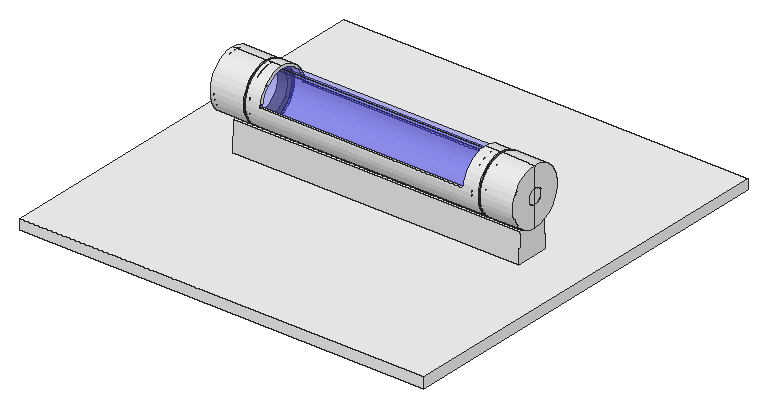
Revit family "BE_23080.1_de_DE", category Leuchten, Revit 2020
Family settings
  Basisbauteil = Fläche
  Bemaßung runder Anschluss = Durchmesser verwenden
  Teiletyp = Normal
  Beim Laden mit Abzugskörper schneiden = Ja
  Lichtquelle = Ja
  Gemeinsam genutzt = Nein
  Raumberechnungspunkt = Ja
Parameters (values of type "BEGA_23080.1_K3")
  built-in parameter 1150104 = 11.548 (stored number, unit not read)
  Wattage = 7.4 W
  Default Elevation = 0 mm
  built-in parameter 1150113 = 1 (stored number, unit not read)
  built-in parameter 1114218 = 1 (stored number, unit not read)
  Umgebungstemperatur = "25 °C"
  URL = "http://www.bega.de/de/produkt/23080.1"
  Typenkommentare = "© 2022 BEGA. Wir behalten uns das Recht vor, technische Änderungen ohne vorherige Ankündigung vorzunehmen."  # constant formula
  built-in parameter 1150134 = 12
  built-in parameter 1150109 = 1 (stored number, unit not read)
  Strom = ""
  built-in parameter 1150110 = 1 (stored number, unit not read)
  Spannung = 239.996 V
  Sonderanfertigung = no
  Seriennummer [instance] = "Hier können Sie die eindeutige Seriennummer für das Facility Management eintragen."
  Schutzklasse = "I"
  Schutzart = "IP 20"
  Scheinlast = 0 VA
  Produktdatenblatt = "http://www.bega.de/download/Xrfa/db/23080.1.db.de.pdf"
  Oberflächentemperatur = ""
  Neigungswinkel = 0.00°
  Model = "23080.1K4"
  Material_18 = BEGA_Gummi_schwarz
  Material_17 = BEGA_Reflektor
  Material_15 = BEGA_Leuchtmedium_matt
  Material_11 = BEGA_Glas_opal
  Material_09 = BEGA_Glas_klar
  Material_06 = BEGA_Oberfläche_Edelstahl_gebürstet
  Material_05 = BEGA_Oberfläche_Aluminium Guss
  Material_04 = BEGA_Kunststoff_Grafit_matt
  Material_03 = BEGA_Oberfläche_Weiss_matt
  Material_02 = BEGA_Oberfläche_Silber_matt
  Material_01 [instance] = BEGA_Oberfläche_Grafit_matt
  M_W = no
  M_G = no
  M_A = no
  Logo = 0
  built-in parameter 1114217 = 1 (stored number, unit not read)
  built-in parameter 1150139 = (empty or 0)
  built-in parameter 1150105 = 73.197 (stored number, unit not read)
  built-in parameter 1150114 = 1 (stored number, unit not read)
  Lumens = 919.82 lm
  built-in parameter 1150115 = 1 (stored number, unit not read)
  Leuchtenlichtstrom = "475 lm"
  Leuchtenanzahl = ""
  Lebensdauerkriterien = "L70B50 @ 25 °C = 500000 h"
  Lastklassifizierung = Beleuchtung
  built-in parameter 1150112 = 1 (stored number, unit not read)
  Lampenlichtstrom = "800 lm"
  Lampe = "LED 4.8 W"
  LED_Modulbezeichnung = "LED-0345/940"
  Hersteller = "BEGA"  # constant formula
  Halbstreuwinkel = ""
  Gewicht = "0.8 kg"
  Gebrauchslageneinschränkung [instance] = ""
  Frequenz = "0/50-60 Hz"
  Farbwiedergabeindex = "CRI > 90"
  Farbtemperaturverschiebung bei Dämpfen der Lampe = <Keine Auswahl>
  Farbtemperatur = "4000 K"
  Color Filter = 16777215
  built-in parameter 1150133 = 10 (stored number, unit not read)
  Energieeffizienzklasse = "LED A++ - A"
  built-in parameter 1150137 = (empty or 0)
  built-in parameter 1150132 = (empty or 0)
  ENEC = "ja"
  Dimmbar [instance] = ""
  Photometric Web File = "BE_23080.1K4.IES"
  CE_Konformität = "ja"
  Bestellnummer = "23080.1K4"
  Beschreibung_Sonderanfertigung = "Hier können Sie Informationen zur Sonderanfertigung eintragen."
  Beschreibung = "Wandleuchte"
  built-in parameter 1150106 = 0.73197 (stored number, unit not read)
  Befestigungsbohrung = "Ø 4,5 mm"
  Befestigungsabstand = "220,5 mm"
  Ballwurfsicher = ""
  BEGA_Intern_aus = yes
  BEGA_Intern_an = yes
  BEGA_Intern_Konstruktion = yes
  BEGA_Intern = yes
  BEGA_IES = yes
  BEGA_Dummy = no
  Anschlussleitung = ""
  Anschlussleistung [instance] = "6.2 W"
  Anschlusskasten = ""
  built-in parameter 1150107 = 4000 (stored number, unit not read)
  built-in parameter 1150102 = (empty or 0)
  built-in parameter 1150138 = (empty or 0)
  Aktualisierung = "2019-07-05T04:00:16"
  Abstand_zur_angestrahlten_Fläche [instance] = ""
  AC/DC = "AC/DC"
Reference planes
  plane 1 "Mitte (Vorne/Hinten)": y = 0
  plane 2: z = 0
  plane 3 "Mitte (Links/Rechts)": x = 0
  plane 4 "Links": x = -149.5
  plane 5 "Rechts": x = 149.5
  plane 6 "Unten": y = -27.5
  plane 7 "Oben": y = 27.5
  plane 8 "Vorne": z = 82.031
  plane 9 "Hinten": z = 0
Forms (mm)
  Extrusion 1, solid, material "BEGA_Platte_Weiss"
    sketch origin (0, -1119.2, 0) x (1, 0, 0) y (0, 1, 0)
      loop
        line (-200, 1319.2) -> (-200, 919.2) -> (200, 919.2) -> (200, 1319.2) -> (-200, 1319.2)
    from 0 to -10
  Extrusion 2, solid, material "BEGA_Dummy_matt", visible <- "BEGA_Dummy"
    sketch origin (80.095, -76.023, 0) x (1, 0, 0) y (0, 1, 0)
      loop
        line (-229.595, 103.523) -> (-229.595, 48.523) -> (69.405, 48.523) -> (69.405, 103.523) -> (-229.595, 103.523)
    from 0 to 82.031
Dimensions and locks
  plane 1 "Mitte (Vorne/Hinten)" to Extrusion 1 = 200 mm
  aligned and locked: plane 2 to Extrusion 1
  aligned and locked: level to Extrusion 1
Nested families
  nested 1: "BE_23080.1" at (0, 0, 0), type "BE_23080.1"
Connectors
  electrical at (0, 0, 0), driven by "Lastklassifizierung", driven by "Spannung", driven by "Scheinlast"
    settings: index 1, voltage 239.996 V, apparent load 0 VA, apparent load phase1 0 VA, apparent load phase2 0 VA, apparent load phase3 0 VA, power factor 1, load classification "Beleuchtung", number of poles 1, system type 31, power factor state 1, is connector primary yes, connector utility no, sub classification motor no, connector description ""
Definition of nested family "BE_23080.1"
  Parameters (values of type "BE_23080.1")
    Default Elevation = 1 mm
    URL = "http://www.bega.de/de/produkt"
    Type Comments = "© 2015 BEGA. Wir behalten uns das Recht vor, technische Änderungen ohne vorherige Ankündigung vorzunehmen. "  # constant formula
    Type Image = (empty or 0)
    Neigungswinkel_um_Z2 = 0.00°
    Neigungswinkel_um_Z1 = 0.00°
    Neigungswinkel_um_Y2 = 0.00°
    Neigungswinkel_um_Y1 = 0.00°
    Neigungswinkel_um_X2 = 0.00°
    Neigungswinkel_um_X1 = 0.00°
    Material_18 = none
    Material_17 = none
    Material_15 = none
    Material_11 = none
    Material_09 = none
    Material_06 = none
    Material_05 = none
    Material_04 = none
    Material_03 = none
    Material_02 = none
    Material_01 = none
    M_W = yes
    M_G = yes
    M_A = yes
    Länge_Platte = 500 mm  # constant formula
    Höhe_Platte = -10 mm  # constant formula
    Manufacturer = "BEGA"  # constant formula
    Drehwinkel_um_Z2 = 0.00°
    Drehwinkel_um_Z1 = 0.00°
    Breite_Platte = 200 mm  # constant formula
  Reference planes
    plane 1 "Mitte (Oben/Unten)": y = 0
    plane 2: z = 0
    plane 3 "Mitte (Links/Rechts)": x = 0
    plane 4 "Vorne": z = 82.031
    plane 5: x = 149.5
    plane 6: x = -149.5
    plane 7: y = 27.5
    plane 8: y = -27.5
  Forms (mm)
    Extrusion 1, solid, detail levels medium
      sketch origin (0, 0, 0) x (1, 0, 0) y (0, 1, 0)
        loop
          line (-250, 100) -> (-250, -100) -> (250, -100) -> (250, 100) -> (-250, 100)
      from 0 to -10 <- "Höhe_Platte"
    Revolve 2, solid, material <- "Material_03", detail levels medium+fine
      sketch origin (-301.397, 0, -424.763) x (1, 0, 0) y (0, 0, 1)
        loop
          line (151.897, 506.794) -> (151.897, 479.294) -> (153.897, 479.294) -> (153.897, 504.494)
          arc (153.897, 504.494) -> (154.065, 504.984) -> (154.499, 505.269) r 0.8
          line (154.499, 505.269) -> (184.897, 505.269) -> (184.897, 506.794) -> (151.897, 506.794)
        axis (151.897, 479.294) -> (184.897, 479.294)
      angle from 0 to 360
    Revolve 3, solid, material <- "Material_03", detail levels medium+fine
      sketch origin (-296.41, 0, -424.763) x (1, 0, 0) y (0, 0, 1)
        loop
          line (411.91, 506.794) -> (180.91, 506.794) -> (180.91, 505.894) -> (187.91, 505.894) -> (187.91, 504.794) -> (404.91, 504.794) -> (404.91, 505.894) -> (411.91, 505.894) -> (411.91, 506.794)
        axis (180.91, 479.294) -> (411.91, 479.294)
      angle from 0 to 360
    Extrusion 4, void
      sketch origin (-296.41, 0, -424.763) x (1, 0, 0) y (0, 0, 1)
        loop
          line (195.91, 481.794) -> (396.91, 481.794) -> (396.91, 508.598) -> (195.91, 508.598) -> (195.91, 481.794)
      from -31.307 to 33.537
    Extrusion 5, solid, material <- "Material_03", detail levels medium+fine
      sketch origin (0, 0, 0) x (0, 1, 0) y (0, 0, 1)
        loop
          line (-13.5, 30) -> (-15.001, 28.499) -> (-15.996, 0) -> (-14.001, 0) -> (-13.04, 27.513)
          arc (-13.04, 27.513) -> (-11.817, 26.956) -> (-10.57, 26.454) r 30
          line (-10.57, 26.454) -> (-10, 21.031) -> (10, 21.031) -> (10.57, 26.454)
          arc (10.57, 26.454) -> (11.817, 26.956) -> (13.04, 27.513) r 30
          line (13.04, 27.513) -> (14.001, 0) -> (15.996, 0) -> (15.001, 28.499) -> (13.5, 30)
          arc (13.5, 30) -> (11.056, 28.806) -> (8.507, 27.854) r 28
          line (8.507, 27.854) -> (8, 23.031) -> (-8, 23.031) -> (-8.507, 27.854)
          arc (-8.507, 27.854) -> (-11.056, 28.806) -> (-13.5, 30) r 28
      from -136.067 to 146.035
    Extrusion 6, solid, material <- "Material_03", detail levels medium+fine
      sketch origin (0, 0, 0) x (0, 1, 0) y (0, 0, 1)
        loop
          line (-15.001, 28.499) -> (-15.996, 0) -> (15.996, 0) -> (15.001, 28.499) -> (13.5, 30)
          arc (13.5, 30) -> (0, 26.531) -> (-13.5, 30) r 28
          line (-13.5, 30) -> (-15.001, 28.499)
      from 143.583 to 146.035
    Extrusion 7, solid, material <- "Material_03", detail levels medium+fine
      sketch origin (9.974, 0, 0) x (0, 1, 0) y (0, 0, -1)
        loop
          line (-15.001, -28.499) -> (-13.5, -30)
          arc (-13.5, -30) -> (0, -26.531) -> (13.5, -30) r 28
          line (13.5, -30) -> (15.001, -28.499) -> (15.996, 0) -> (-15.996, 0) -> (-15.001, -28.499)
      from 143.583 to 146.041
    Revolve 8, solid, material <- "Material_18", detail levels medium+fine
      sketch origin (0, 0, 0) x (1, 0, 0) y (0, 0, 1)
        loop
          line (-115.5, 82.031) -> (-116.5, 82.031) -> (-116.5, 80.506) -> (-121.5, 80.506) -> (-121.5, 75.031) -> (-111.5, 75.031) -> (-111.5, 81.131) -> (-115.5, 81.131) -> (-115.5, 82.031)
        axis (-121.5, 54.531) -> (-111.5, 54.531)
      angle from 0 to 360
    Revolve 9, solid, material <- "Material_03", detail levels medium+fine
      sketch origin (301.397, 0, -424.763) x (-1, 0, 0) y (0, 0, 1)
        loop
          line (151.897, 506.794) -> (151.897, 479.294) -> (153.897, 479.294) -> (153.897, 504.494)
          arc (153.897, 504.494) -> (154.065, 504.984) -> (154.499, 505.269) r 0.8
          line (154.499, 505.269) -> (184.897, 505.269) -> (184.897, 506.794) -> (151.897, 506.794)
        axis (151.897, 479.294) -> (184.897, 479.294)
      angle from 0 to 360
    Revolve 10, solid, material <- "Material_18", detail levels medium+fine
      sketch origin (0, 0, 0) x (-1, 0, 0) y (0, 0, 1)
        loop
          line (-115.5, 82.031) -> (-116.5, 82.031) -> (-116.5, 80.506) -> (-121.5, 80.506) -> (-121.5, 75.031) -> (-111.5, 75.031) -> (-111.5, 81.131) -> (-115.5, 81.131) -> (-115.5, 82.031)
        axis (-121.5, 54.531) -> (-111.5, 54.531)
      angle from 0 to 360
    Revolve 11, solid, material <- "Material_11", detail levels medium+fine
      sketch origin (0, 0, 0) x (1, 0, 0) y (0, 0, 1)
        loop
          line (-108.5, 79.503) -> (-108.5, 76.531) -> (110.5, 76.531) -> (110.5, 79.503) -> (-108.5, 79.503)
        axis (-108.5, 54.531) -> (110.5, 54.531)
      angle from 0 to 360
    Revolve 12, solid, material <- "Material_04", detail levels medium+fine
      sketch origin (0, 0, 0) x (1, 0, 0) y (0, 0, 1)
        loop
          spline (-151.339, 61.706) -> (-151.44, 61.505) -> (-151.537, 61.211) -> (-151.629, 60.827) -> (-151.715, 60.359) -> (-151.794, 59.814) -> (-151.865, 59.198) -> (-151.926, 58.519) -> (-151.978, 57.787) -> (-152.019, 57.012) -> (-152.048, 56.203) -> (-152.066, 55.373) -> (-152.072, 54.531)
          line (-152.072, 54.531) -> (-148.332, 54.531) -> (-148.332, 64.481) -> (-149.5, 64.481)
          arc (-149.5, 64.481) -> (-150.207, 64.188) -> (-150.5, 63.481) r 1
          line (-150.5, 63.481) -> (-150.5, 61.862) -> (-151.339, 61.706)
        axis (-152.072, 54.531) -> (-148.332, 54.531)
      angle from 0 to 360
    Extrusion 13, void
      sketch origin (0, 0, 0) x (1, 0, 0) y (0, 1, 0)
        loop
          line (-107.397, -0.25) -> (-107.397, 7.75)
          arc (-107.397, 7.75) -> (-110, 10.353) -> (-112.603, 7.75) r 2.603
          line (-112.603, 7.75) -> (-112.603, -0.25)
          arc (-112.603, -0.25) -> (-110, -2.853) -> (-107.397, -0.25) r 2.603
        loop
          line (114.5, -4.147) -> (106.501, -4.147)
          arc (106.501, -4.147) -> (103.899, -6.75) -> (106.501, -9.353) r 2.603
          line (106.501, -9.353) -> (114.5, -9.353)
          arc (114.5, -9.353) -> (117.103, -6.75) -> (114.5, -4.147) r 2.603
      from 0 to 38.894
    Revolve 14, void
      sketch origin (0, 0, 0) x (1, 0, 0) y (0, 0, 1)
        loop
          line (148.3, 62.381) -> (148.3, 54.531) -> (150.176, 54.531) -> (150.176, 62.381) -> (148.3, 62.381)
        axis (150.176, 54.531) -> (148.3, 54.531)
      angle from 0 to 360
    Revolve 15, solid, material <- "Material_03", detail levels medium+fine
      sketch origin (0, 0, 0) x (1, 0, 0) y (0, 0, 1)
        loop
          line (148.3, 61.931) -> (148.3, 54.531) -> (149.3, 54.531) -> (149.3, 61.931) -> (148.3, 61.931)
        axis (148.3, 54.531) -> (149.3, 54.531)
      angle from 0 to 360
  Cuts and joins
    Extrusion 4 cuts Revolve 3
    Extrusion 13 cuts Extrusion 5
    Extrusion 13 cuts Extrusion 6
    Extrusion 13 cuts Extrusion 7
    joined: Extrusion 5, Extrusion 6, Extrusion 7
    Extrusion 13, Revolve 14 cuts Revolve 9
    Extrusion 13 cuts Revolve 10
    Extrusion 13 cuts Revolve 11
  Dimensions and locks
    equal spacing: Extrusion 1 sketch curve, plane 3 "Mitte (Links/Rechts)", Extrusion 1 sketch curve
    equal spacing: Extrusion 1 sketch curve, plane 1 "Mitte (Oben/Unten)", Extrusion 1 sketch curve
    "Länge_Platte": Extrusion 1 sketch curve to Extrusion 1 sketch curve
    "Breite_Platte": Extrusion 1 sketch curve to Extrusion 1 sketch curve
    aligned and locked: Extrusion 1 to plane 2
    aligned and locked: level to Extrusion 1
  Automatic sketch dimensions
    Revolve 2 sketch curve to Revolve 2 sketch curve = 2 mm
    Revolve 2 sketch curve to Revolve 2 sketch curve = 0.602 mm
    Revolve 2 sketch curve to Revolve 2 sketch curve = 0.8 mm
    Revolve 2 sketch curve to Revolve 2 sketch curve = 30.2 mm
    level to Revolve 2 sketch curve = 54.531 mm
    Revolve 2 sketch curve to Revolve 2 sketch curve = 25.2 mm
    Revolve 2 sketch curve to Revolve 2 sketch curve = 1.525 mm
    Revolve 2 sketch curve to Revolve 2 sketch curve = 0 mm  (x2)
    Revolve 2 sketch curve to Revolve 2 sketch curve = 8 mm
    Revolve 3 sketch curve to Revolve 3 sketch curve = 7 mm  (x2)
    level to Revolve 3 sketch curve = 80.031 mm
    Revolve 3 sketch curve to Revolve 3 sketch curve = 1.1 mm  (x2)
    Revolve 3 sketch curve to Revolve 3 sketch curve = 0.9 mm
    Revolve 3 sketch curve to Revolve 3 sketch curve = 33.585 mm
    Revolve 3 sketch curve to Revolve 3 sketch curve = 1.013 mm
    Revolve 3 sketch curve to Revolve 3 sketch curve = 25.5 mm
    level to Extrusion 4 sketch curve = 57.031 mm
    Extrusion 4 sketch curve to Extrusion 4 sketch curve = 26.804 mm
    Extrusion 5 sketch curve to Extrusion 5 sketch curve = 0 mm  (x12)
    Extrusion 5 sketch curve to level = 0 mm  (x2)
    Extrusion 5 sketch curve to plane 1 "Mitte (Oben/Unten)" = 0 mm
    plane 1 "Mitte (Oben/Unten)" to Extrusion 5 sketch curve = 8 mm
    Extrusion 5 sketch curve to Extrusion 5 sketch curve = 0.507 mm  (x2)
    Extrusion 5 sketch curve to Extrusion 5 sketch curve = 2 mm  (x3)
    Extrusion 5 sketch curve to Extrusion 5 sketch curve = 2.063 mm  (x2)
    Extrusion 5 sketch curve to Extrusion 5 sketch curve = 2.47 mm  (x2)
    Extrusion 5 sketch curve to Extrusion 5 sketch curve = 0.46 mm  (x2)
    plane 1 "Mitte (Oben/Unten)" to Extrusion 5 sketch curve = 14.001 mm
    Extrusion 5 sketch curve to Extrusion 5 sketch curve = 1.501 mm  (x4)
    Extrusion 5 sketch curve to Extrusion 5 sketch curve = 1.995 mm  (x2)
    Extrusion 5 sketch curve to plane 1 "Mitte (Oben/Unten)" = 8 mm
    Extrusion 5 sketch curve to plane 1 "Mitte (Oben/Unten)" = 14.001 mm
    level to Extrusion 5 sketch curve = 21.031 mm
    Extrusion 5 sketch curve to Extrusion 5 sketch curve = 3.423 mm  (x2)
    Extrusion 5 sketch curve to Extrusion 5 sketch curve = 1.058 mm
    Extrusion 5 sketch curve to Extrusion 5 sketch curve = 1.4 mm  (x2)
    Extrusion 6 sketch curve to level = 0 mm
    Extrusion 6 sketch curve to plane 1 "Mitte (Oben/Unten)" = 0 mm
    plane 1 "Mitte (Oben/Unten)" to Extrusion 6 sketch curve = 13.5 mm
    Extrusion 6 sketch curve to Extrusion 6 sketch curve = 1.501 mm  (x3)
    plane 1 "Mitte (Oben/Unten)" to Extrusion 6 sketch curve = 15.996 mm
    Extrusion 6 sketch curve to plane 1 "Mitte (Oben/Unten)" = 13.5 mm
    Extrusion 6 sketch curve to plane 1 "Mitte (Oben/Unten)" = 15.996 mm
    level to Extrusion 6 sketch curve = 28.499 mm  (x2)
    Extrusion 6 sketch curve to Extrusion 6 sketch curve = 24.531 mm
    Extrusion 7 sketch curve to level = 0 mm
    Extrusion 7 sketch curve to plane 1 "Mitte (Oben/Unten)" = 0 mm
    plane 1 "Mitte (Oben/Unten)" to Extrusion 7 sketch curve = 13.5 mm
    Extrusion 7 sketch curve to Extrusion 7 sketch curve = 1.501 mm  (x3)
    plane 1 "Mitte (Oben/Unten)" to Extrusion 7 sketch curve = 15.996 mm
    Extrusion 7 sketch curve to plane 1 "Mitte (Oben/Unten)" = 13.5 mm
    Extrusion 7 sketch curve to plane 1 "Mitte (Oben/Unten)" = 15.996 mm
    level to Extrusion 7 sketch curve = 28.499 mm  (x2)
    Extrusion 7 sketch curve to Extrusion 7 sketch curve = 24.531 mm
    Revolve 8 sketch curve to Revolve 8 sketch curve = 5 mm
    Revolve 8 sketch curve to Revolve 8 sketch curve = 1 mm
    Revolve 8 sketch curve to Revolve 8 sketch curve = 4 mm
    level to Revolve 8 sketch curve = 75.031 mm
    Revolve 8 sketch curve to Revolve 8 sketch curve = 5.475 mm
    Revolve 8 sketch curve to Revolve 8 sketch curve = 0.625 mm
    Revolve 8 sketch curve to Revolve 8 sketch curve = 0.9 mm
    Revolve 8 sketch curve to Revolve 8 sketch curve = 27.585 mm
    Revolve 8 sketch curve to Revolve 8 sketch curve = 1.987 mm
    Revolve 8 sketch curve to Revolve 8 sketch curve = 20.5 mm
    Revolve 9 sketch curve to Revolve 9 sketch curve = 2 mm
    Revolve 9 sketch curve to Revolve 9 sketch curve = 0.602 mm
    Revolve 9 sketch curve to Revolve 9 sketch curve = 0.8 mm
    Revolve 9 sketch curve to Revolve 9 sketch curve = 30.2 mm
    Revolve 9 sketch curve to level = 54.531 mm
    Revolve 9 sketch curve to Revolve 9 sketch curve = 25.2 mm
    Revolve 9 sketch curve to Revolve 9 sketch curve = 1.525 mm
    Revolve 9 sketch curve to Revolve 9 sketch curve = 0 mm  (x2)
    Revolve 9 sketch curve to Revolve 9 sketch curve = 8 mm
    Revolve 10 sketch curve to Revolve 10 sketch curve = 5 mm
    Revolve 10 sketch curve to Revolve 10 sketch curve = 1 mm
    Revolve 10 sketch curve to Revolve 10 sketch curve = 4 mm
    Revolve 10 sketch curve to level = 75.031 mm
    Revolve 10 sketch curve to Revolve 10 sketch curve = 5.475 mm
    Revolve 10 sketch curve to Revolve 10 sketch curve = 0.625 mm
    Revolve 10 sketch curve to Revolve 10 sketch curve = 0.9 mm
    Revolve 10 sketch curve to Revolve 10 sketch curve = 27.585 mm
    Revolve 10 sketch curve to Revolve 10 sketch curve = 1.987 mm
    Revolve 10 sketch curve to Revolve 10 sketch curve = 20.5 mm
    level to Revolve 11 sketch curve = 76.531 mm
    Revolve 11 sketch curve to Revolve 11 sketch curve = 2.972 mm
    Revolve 11 sketch curve to Revolve 11 sketch curve = 30 mm
    Revolve 11 sketch curve to Revolve 11 sketch curve = 42.566 mm
    Revolve 11 sketch curve to Revolve 11 sketch curve = 22 mm
    Extrusion 13 sketch curve to Extrusion 13 sketch curve = 2.603 mm  (x5)
    Extrusion 13 sketch curve to Extrusion 13 sketch curve = 7.999 mm
    Extrusion 13 sketch curve to Extrusion 13 sketch curve = 8 mm
    Extrusion 13 sketch curve to Extrusion 13 sketch curve = 0 mm  (x6)
    Revolve 14 sketch curve to Revolve 14 sketch curve = 1.876 mm
    level to Revolve 14 sketch curve = 54.531 mm
    Revolve 14 sketch curve to Revolve 14 sketch curve = 7.85 mm
    Revolve 14 sketch curve to Revolve 14 sketch curve = 4.3 mm
    Revolve 14 sketch curve to Revolve 14 sketch curve = 1.324 mm
    Revolve 14 sketch curve to Revolve 14 sketch curve = 0 mm
    Revolve 15 sketch curve to Revolve 15 sketch curve = 1 mm
    level to Revolve 15 sketch curve = 54.531 mm
    Revolve 15 sketch curve to Revolve 15 sketch curve = 7.4 mm
    Revolve 15 sketch curve to Revolve 15 sketch curve = 3 mm
    Revolve 15 sketch curve to Revolve 15 sketch curve = 0.511 mm
    Revolve 15 sketch curve to Revolve 15 sketch curve = 0 mm
    Revolve 12 sketch curve to Revolve 12 sketch curve = 0.733 mm
    Revolve 12 sketch curve to Revolve 12 sketch curve = 7.176 mm
    Revolve 12 sketch curve to Revolve 12 sketch curve = 2.774 mm
    Revolve 12 sketch curve to Revolve 12 sketch curve = 0.896 mm
    Revolve 12 sketch curve to Revolve 12 sketch curve = 0.525 mm
    Revolve 12 sketch curve to Revolve 12 sketch curve = 0.368 mm
    Revolve 12 sketch curve to Revolve 12 sketch curve = 0 mm  (x2)
    Revolve 12 sketch curve to Revolve 12 sketch curve = 1.168 mm
    Revolve 12 sketch curve to Revolve 12 sketch curve = 0.034 mm
    Revolve 12 sketch curve to Revolve 12 sketch curve = 0.676 mm
    Revolve 12 sketch curve to Revolve 12 sketch curve = 1 mm
    level to Revolve 12 sketch curve = 54.531 mm
    plane 6 to Revolve 2 sketch curve = 0 mm
    Revolve 3 sketch curve to plane 6 = 41 mm
    Extrusion 4 sketch curve to plane 6 = 49 mm
    Revolve 8 sketch curve to plane 6 = 28 mm
    Revolve 11 sketch curve to plane 6 = 41 mm
    plane 6 to Revolve 12 sketch curve = 0 mm
    Extrusion 13 sketch curve to plane 6 = 42.103 mm
    plane 5 to Revolve 3 sketch curve = 41 mm
    plane 5 to Extrusion 4 sketch curve = 49 mm
    plane 5 to Revolve 9 sketch curve = 0 mm
    Revolve 10 sketch curve to plane 5 = 28 mm
    plane 5 to Revolve 11 sketch curve = 39 mm
    plane 5 to Extrusion 13 sketch curve = 42.999 mm
    plane 5 to Revolve 14 sketch curve = 1.2 mm
    plane 5 to Revolve 15 sketch curve = 1.2 mm
    plane 1 "Mitte (Oben/Unten)" to Extrusion 13 sketch curve = 9.353 mm
    plane 1 "Mitte (Oben/Unten)" to Extrusion 13 sketch curve = 0.25 mm
